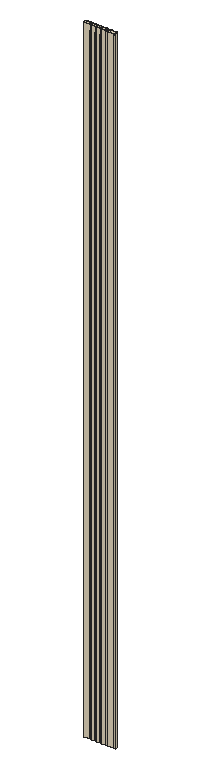
Revit family "HOB_GEN_Symphony_Forte_7", category Generic Models, Revit 2026
Family settings
  Can host rebar = No
  Round Connector Dimension = Use Diameter
  Part Type = Normal
  Work Plane-Based = No
  Always vertical = Yes
  Cut with Voids When Loaded = No
  Maintain Annotation Orientation = No
  Shared = Yes
  Room Calculation Point = No
Parameters
  URL = "https://houseofbamboo.com.au/"
  SectionArea = 0.002 m²  # constant formula
  Model = "Forte 7"
  Material = Bamboo_horizontalGrain
  Manufacturer = "House Of Bamboo"
  Length [instance] = 2900 mm
  Description = "128 mm x 18 mm x 1860 mm"
  Default Elevation = 0 mm
  BambooVolume [instance] = 0.002 m² * Length  # 0.0058 m³
Reference planes
  plane 1 "Center (Front/Back)": y = 0
  plane 2: z = 0
  plane 3 "Center (Left/Right)": x = 0
  plane 4: y = 18
  plane 5: z = 2900
  plane 6: x = 139.02
Forms (mm)
  Extrusion 1, solid, material "Bamboo_horizontalGrain" <- "Material"
    sketch origin (-7, 0, 0) x (1, 0, 0) y (0, 1, 0)
      loop
        arc (10.25, 13.33) -> (9.298, 11.032) -> (7, 10.08) r 3.25
        line (7, 10.08) -> (7, 8.08) -> (13.5, 8.08) -> (13.5, 4.08) -> (8, 4.08) -> (8, 0.5)
        arc (8, 0.5) -> (8.146, 0.146) -> (8.5, 0) r 0.5
        line (8.5, 0) -> (38.005, 0)
        arc (38.005, 0) -> (38.359, 0.146) -> (38.505, 0.5) r 0.5
        line (38.505, 0.5) -> (38.505, 4.67)
        arc (38.505, 4.67) -> (41.755, 7.92) -> (45.005, 4.67) r 3.25
        line (45.005, 4.67) -> (45.005, 0.5)
        arc (45.005, 0.5) -> (45.151, 0.146) -> (45.505, 0) r 0.5
        line (45.505, 0) -> (61.175, 0)
        arc (61.175, 0) -> (61.529, 0.146) -> (61.675, 0.5) r 0.5
        line (61.675, 0.5) -> (61.675, 4.67)
        arc (61.675, 4.67) -> (64.925, 7.92) -> (68.175, 4.67) r 3.25
        line (68.175, 4.67) -> (68.175, 0.5)
        arc (68.175, 0.5) -> (68.321, 0.146) -> (68.675, 0) r 0.5
        line (68.675, 0) -> (84.345, 0)
        arc (84.345, 0) -> (84.699, 0.146) -> (84.845, 0.5) r 0.5
        line (84.845, 0.5) -> (84.845, 4.67)
        arc (84.845, 4.67) -> (88.095, 7.92) -> (91.345, 4.67) r 3.25
        line (91.345, 4.67) -> (91.345, 0.5)
        arc (91.345, 0.5) -> (91.491, 0.146) -> (91.845, 0) r 0.5
        line (91.845, 0) -> (108.28, 0)
        arc (108.28, 0) -> (108.634, 0.146) -> (108.78, 0.5) r 0.5
        line (108.78, 0.5) -> (108.78, 4.67)
        arc (108.78, 4.67) -> (112.03, 7.92) -> (115.28, 4.67) r 3.25
        line (115.28, 4.67) -> (115.28, 0.5)
        arc (115.28, 0.5) -> (115.426, 0.146) -> (115.78, 0) r 0.5
        line (115.78, 0) -> (145.52, 0)
        arc (145.52, 0) -> (145.874, 0.146) -> (146.02, 0.5) r 0.5
        line (146.02, 0.5) -> (146.02, 4.58) -> (152.02, 4.58) -> (152.02, 7.58) -> (146.02, 7.58) -> (146.02, 10.08)
        arc (146.02, 10.08) -> (143.722, 11.032) -> (142.77, 13.33) r 3.25
        line (142.77, 13.33) -> (142.77, 17.5)
        arc (142.77, 17.5) -> (142.624, 17.854) -> (142.27, 18) r 0.5
        line (142.27, 18) -> (126.6, 18)
        arc (126.6, 18) -> (126.246, 17.854) -> (126.1, 17.5) r 0.5
        line (126.1, 17.5) -> (126.1, 13.33)
        arc (126.1, 13.33) -> (122.85, 10.08) -> (119.6, 13.33) r 3.25
        line (119.6, 13.33) -> (119.6, 17.5)
        arc (119.6, 17.5) -> (119.454, 17.854) -> (119.1, 18) r 0.5
        line (119.1, 18) -> (103.43, 18)
        arc (103.43, 18) -> (103.076, 17.854) -> (102.93, 17.5) r 0.5
        line (102.93, 17.5) -> (102.93, 13.33)
        arc (102.93, 13.33) -> (99.68, 10.08) -> (96.43, 13.33) r 3.25
        line (96.43, 13.33) -> (96.43, 17.5)
        arc (96.43, 17.5) -> (96.284, 17.854) -> (95.93, 18) r 0.5
        line (95.93, 18) -> (80.26, 18)
        arc (80.26, 18) -> (79.906, 17.854) -> (79.76, 17.5) r 0.5
        line (79.76, 17.5) -> (79.76, 13.33)
        arc (79.76, 13.33) -> (76.51, 10.08) -> (73.26, 13.33) r 3.25
        line (73.26, 13.33) -> (73.26, 17.5)
        arc (73.26, 17.5) -> (73.114, 17.854) -> (72.76, 18) r 0.5
        line (72.76, 18) -> (57.09, 18)
        arc (57.09, 18) -> (56.736, 17.854) -> (56.59, 17.5) r 0.5
        line (56.59, 17.5) -> (56.59, 13.33)
        arc (56.59, 13.33) -> (53.34, 10.08) -> (50.09, 13.33) r 3.25
        line (50.09, 13.33) -> (50.09, 17.5)
        arc (50.09, 17.5) -> (49.944, 17.854) -> (49.59, 18) r 0.5
        line (49.59, 18) -> (33.92, 18)
        arc (33.92, 18) -> (33.566, 17.854) -> (33.42, 17.5) r 0.5
        line (33.42, 17.5) -> (33.42, 13.33)
        arc (33.42, 13.33) -> (30.17, 10.08) -> (26.92, 13.33) r 3.25
        line (26.92, 13.33) -> (26.92, 17.5)
        arc (26.92, 17.5) -> (26.774, 17.854) -> (26.42, 18) r 0.5
        line (26.42, 18) -> (10.75, 18)
        arc (10.75, 18) -> (10.396, 17.854) -> (10.25, 17.5) r 0.5
        line (10.25, 17.5) -> (10.25, 13.33)
    from 0 to 2900
Dimensions and locks
  plane 4 to plane 1 "Center (Front/Back)" = 18 mm
  "Length": plane 5 to plane 2
  plane 3 "Center (Left/Right)" to plane 6 = 139.02 mm
  aligned and locked: level to plane 2
  aligned and locked: plane 5 to Extrusion 1
  aligned and locked: Extrusion 1 to level
Automatic sketch dimensions
  Extrusion 1 sketch curve to Extrusion 1 sketch curve = 1 mm
  Extrusion 1 sketch curve to Extrusion 1 sketch curve = 0.5 mm  (x26)
  Extrusion 1 sketch curve to Extrusion 1 sketch curve = 3.25 mm  (x11)
  Extrusion 1 sketch curve to Extrusion 1 sketch curve = 15.67 mm  (x2)
  Extrusion 1 sketch curve to Extrusion 1 sketch curve = 4.585 mm  (x6)
  Extrusion 1 sketch curve to Extrusion 1 sketch curve = 5.35 mm
  Extrusion 1 sketch curve to Extrusion 1 sketch curve = 3.82 mm
  Extrusion 1 sketch curve to Extrusion 1 sketch curve = 2.75 mm
  Extrusion 1 sketch curve to Extrusion 1 sketch curve = 0 mm
  Extrusion 1 sketch curve to Extrusion 1 sketch curve = 6 mm
  Extrusion 1 sketch curve to plane 4 = 18 mm
  Extrusion 1 sketch curve to Extrusion 1 sketch curve = 3.58 mm
  Extrusion 1 sketch curve to Extrusion 1 sketch curve = 4.08 mm
  Extrusion 1 sketch curve to Extrusion 1 sketch curve = 4.17 mm  (x10)
  Extrusion 1 sketch curve to Extrusion 1 sketch curve = 3 mm
  Extrusion 1 sketch curve to Extrusion 1 sketch curve = 4 mm
  Extrusion 1 sketch curve to Extrusion 1 sketch curve = 2.5 mm
  Extrusion 1 sketch curve to Extrusion 1 sketch curve = 2 mm
  Extrusion 1 sketch curve to Extrusion 1 sketch curve = 5.25 mm
  Extrusion 1 sketch curve to Extrusion 1 sketch curve = 8.66 mm  (x4)
  Extrusion 1 sketch curve to plane 3 "Center (Left/Right)" = 0 mm
